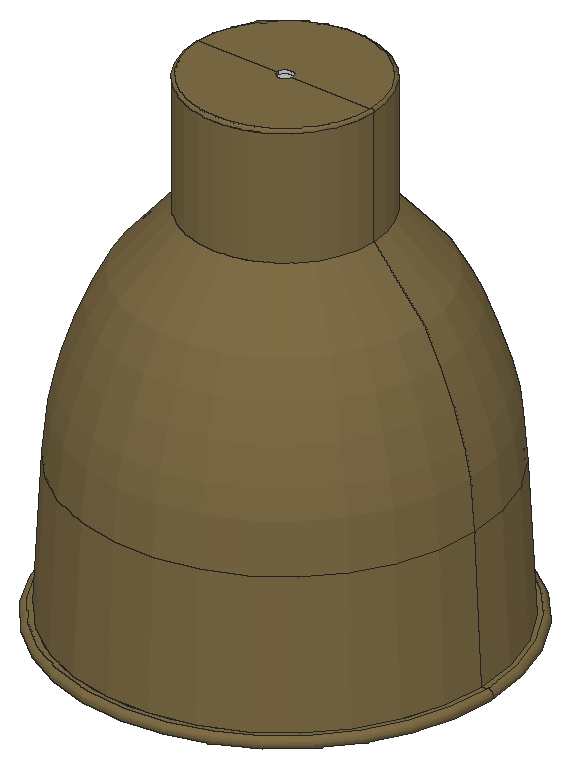
Revit family "PEO SHADE", category Lighting Fixtures, Revit 2024
Family settings
  Round Connector Dimension = Use Diameter
  Part Type = Normal
  OmniClass Number = 23.80.70.00
  OmniClass Title = Lighting
  Work Plane-Based = No
  Always vertical = Yes
  Cut with Voids When Loaded = No
  Light Source = Yes
  Maintain Annotation Orientation = No
  Shared = No
  Room Calculation Point = No
Parameters
  Wattage = 12.1178 W
  built-in parameter 1150110 = 1 (stored number, unit not read)
  built-in parameter 1114217 = 1 (stored number, unit not read)
  built-in parameter 1150109 = 1 (stored number, unit not read)
  built-in parameter 1150134 = (empty or 0)
  built-in parameter 1150113 = 1 (stored number, unit not read)
  Lumens = 1800 lm
  built-in parameter 1150115 = 1 (stored number, unit not read)
  built-in parameter 1150105 = 572.96 (stored number, unit not read)
  Light Source Symbol Size = 2' - 0"
  built-in parameter 1150137 = (empty or 0)
  built-in parameter 1150139 = (empty or 0)
  built-in parameter 1150112 = 1 (stored number, unit not read)
  built-in parameter 1150114 = 1 (stored number, unit not read)
  built-in parameter 1150132 = 2
  built-in parameter 1150102 = (empty or 0)
  built-in parameter 1150138 = (empty or 0)
  built-in parameter 1150107 = 3000 (stored number, unit not read)
  built-in parameter 1150106 = 5.7296 (stored number, unit not read)
  built-in parameter 1150104 = 13.8 (stored number, unit not read)
  Dimming Lamp Color Temperature Shift = (empty or 0)
  Default Elevation = 0' - 0"
  Color Filter = 16777215
  built-in parameter 1114218 = 1 (stored number, unit not read)
  built-in parameter 1150133 = 10 (stored number, unit not read)
Reference planes (in)
  plane 1 "Light Source Axis (F/B)": y = 0
  plane 2: z = 0
  plane 3 "Light Source Axis (L/R)": x = 0
  plane 4 "Light Source Elevation": z = 84
Forms (in)
  Revolve 1, solid
    sketch origin (0, 0, 0) x (1, 0, 0) y (0, 0, 1)
      loop
        line (-0.25, 100.5) -> (-2.9, 100.5)
        arc (-2.9, 100.5) -> (-2.97071, 100.47071) -> (-3, 100.4) r 0.1
        line (-3, 100.4) -> (-3, 96.5)
        spline (-3, 96.5) -> (-3.95261, 95.51005) -> (-4.49458, 94.86421) -> (-4.83014, 94.37044) -> (-5.08648, 93.91437) -> (-5.2967, 93.47633) -> (-5.48324, 93.0424) -> (-5.6553, 92.5987) -> (-5.81967, 92.13115) -> (-5.98137, 91.62411) -> (-6.14389, 91.05493) -> (-6.29589, 90.26034) -> (-6.41142, 88.9388)
        line (-6.41142, 88.9388) -> (-6.65142, 84.35933) -> (-6.82499, 84.35933)
        arc (-6.82499, 84.35933) -> (-7.00454, 84.17954) -> (-6.825, 84) r 0.17954
        line (-6.825, 84) -> (-6.57638, 84) -> (-6.5578, 84.35442) -> (-6.3178, 88.93389)
        spline (-6.3178, 88.93389) -> (-6.20031, 90.25317) -> (-6.04836, 91.04038) -> (-5.88531, 91.60772) -> (-5.7229, 92.11446) -> (-5.55799, 92.58104) -> (-5.38558, 93.02342) -> (-5.19916, 93.45586) -> (-4.989, 93.8911) -> (-4.73434, 94.34254) -> (-4.40144, 94.83065) -> (-3.86157, 95.47172) -> (-2.90625, 96.46117)
        line (-2.90625, 96.46117) -> (-2.90625, 100.40625) -> (-0.25, 100.40625) -> (-0.25, 100.5)
      axis (0, 100.5) -> (0, 84)
    angle from 0 to 360
Dimensions and locks (in)
  aligned and locked: plane 3 "Light Source Axis (L/R)" to imposter light
  aligned and locked: plane 1 "Light Source Axis (F/B)" to imposter light
  aligned and locked: plane 4 "Light Source Elevation" to imposter light
  aligned and locked: level to plane 2
